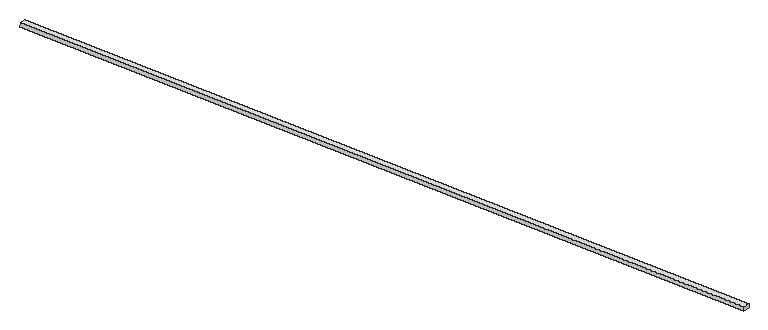
Revit family "MarshallTufflex_ElectricalFittings_TrunkingDado_Mini_MMT2a", category Generic Models, host Face, Revit 2016 (continued)
Definition of nested family "MarshallTufflex_ElectricalFittings_TrunkingDado_SquareUnequalTee"
  Dimensions and locks
    "NominalHeight": Extrusion 1 to plane 8
    equal spacing: plane 9, plane 1 "Center (Front/Back)", plane 10
    "OverallLength": plane 9 to plane 10
    "NominalLength": plane 7 to plane 11
    "OverallHeight": Extrusion 1 to plane 12
    aligned and locked: plane 2 to Extrusion 1
    aligned and locked: level to Extrusion 1
    aligned and locked: Extrusion 2 sketch curve to plane 9
    aligned and locked: Extrusion 2 sketch curve to plane 7
    aligned and locked: Extrusion 2 sketch curve to plane 10
    aligned and locked: Extrusion 2 sketch curve to plane 6
    aligned and locked: Extrusion 3 sketch curve to plane 4
    aligned and locked: plane 3 "Center (Left/Right)" to Extrusion 3 sketch curve
    aligned and locked: plane 5 to Extrusion 3 sketch curve
    aligned and locked: Extrusion 2 to Extrusion 3 sketch curve
    aligned and locked: plane 8 to Extrusion 2
    aligned and locked: plane 12 to Extrusion 3
  Automatic sketch dimensions
    Extrusion 1 sketch curve to Extrusion 1 sketch curve = 2438.400 mm  (x2)
Definition of nested family "MarshallTufflex_ElectricalFittings_TrunkingDado_CeilingTee"
  Parameters (values of type "MarshallTufflex_ElectricalFittings_TrunkingDado_Mini_CeilingTee_TCT4-2")
    _DistributedBy = "www.bimstore.co.uk"
    _CurrentRevision = 1
    _CreatedBy = "www.marshall-tufflex.com"
    _BimSpecGuid = 0
    _BSBibleVersion = 15
    _AuthorizedBy = ""
    _Author = "Marshall-Tufflex Ltd"
    Weekly [instance] = "Please Record On Commisioning"
    WarrantyStartDate [instance] = "Please Record On Commisioning"
    WarrantyID [instance] = "Please Record On Commisioning"
    WarrantyGuarantorParts = "Sales@marshall-tufflex.com"
    WarrantyGuarantorLabor [instance] = "Please Record On Commisioning"
    WarrantyDurationUnit = "Years"
    WarrantyDurationParts = 0
    WarrantyDurationLabor = 0
    WarrantyDescription [instance] = "Please Record On Commisioning"
    URL = "www.marshall-tufflex.com"
    TypeName = "Marshall Tufflex Electrical Fitting Trunking Dado Mini"
    Type Comments = "Dado Trunking MMT4/MMT2 Ceiling Tee"
    Type = "Trunking"
    Sub-Type = "Fitting"
    SpareParts = "Sales@marshall-tufflex.com"
    ShippingWeight = 0
    Shape = "41x27mm"
    SerialNumber [instance] = "Please Record On Commisioning"
    ResponsibleSourcingOfMaterials = "n/a"
    ResponsibleExtractionOfMaterials = "n/a"
    ReplacementCost = "Sales@marshall-tufflex.com"
    ReferencedStandard = "BS EN 50085-1"
    ReferenceStandard = "BS EN 50085-1"
    Quarterly [instance] = "Please Record On Commisioning"
    ProductionYear = "2018"
    ProductRange = "Mini"
    ProductModelNumber = "TCT4-2"
    ProductLiterature = "www.marshall-tufflex.com"
    OverallWidth = 0.000 mm
    OverallLength = 60.000 mm
    OverallHeight = 19.000 mm
    O&Mmanual = "www.marshall-tufflex.com"
    NominalLength = NominalDepth / 2  # 20.500 mm
    NominalHeight = 27.000 mm
    NominalDepth2 = 28.000 mm
    NominalDepth = 41.000 mm
    NBSReference = "90-55-10/390"
    NBSOfficeMasterTag = "n/a"
    NBSObjectName = "MT MiniCeilingTeeTCT4-2"
    NBSNote = ""
    NBSDescription = "Proprietry Tunking"
    Monthly [instance] = "Please Record On Commisioning"
    ModelReference = "Mini"
    ModelNumber = "TCT4-2"
    Model = "Mini"
    MaterialIngredientReporting = "n/a"
    Material = "PVCu"
    ManufacturerWebsite = "www.marshall-tufflex.com"
    ManufacturerName = "Marshall-Tufflex Ltd"
    Manufacturer = "Marshall-Tufflex Ltd"
    LocationOfManufacturer = "N 50°52'39\" E 0°31'41\""
    LifeCycleAnalysis = "n/a"
    LidConfiguration = "Tamper Proof"
    Keynote = "V90"
    InstallationDate [instance] = "Please Record On Commisioning"
    IfcExportType = "IfcCableSegmentType"
    IfcExportAs = "IfcFlowSegment"
    GrossWeight = 0
    GreenGuideforSpecification = 0
    Grade = "n/a"
    Fittings = "www.marshall-tufflex.com"
    Finish = "Matt"
    Features = "Variety of sizes, self-fixing and punched options"
    ExpectedLife = 0
    ErPEnergyLabel = "n/a"
    EnvironmentalProductDeclaration = "n/a"
    EnergyTechnologyList = "n/a"
    EnclosureRating = "IP4X"
    EmbodiedCarbon = 0
    DurationUnit = "Years"
    DocumentationTechnical = "www.marshall-tufflex.com"
    DocumentationMaintenance = "www.marshall-tufflex.com"
    DocumentationLiterature = "www.marshall-tufflex.com"
    DocumentationInstallationGuide = "www.marshall-tufflex.com"
    DocumentationCertificates = "www.marshall-tufflex.com"
    Description = "Trunking Dado MT Mini Ceiling Tee TCT4-2"
    Default Elevation = 1200.000 mm
    Daily [instance] = "Please Record On Commisioning"
    CreatedOn = "2018-11-26T09:00:00"
    CreatedBy = "Sales@marshall-tufflex.com"
    Cost = 0
    Constituents = "Mini Trunking"
    Compartments = "No"
    Colour = "White (RAL9003)"
    Color = "White (RAL9003)"
    CodePerformance = "n/a"
    ClassificationValue = "Pr_65_70_11_61"
    ClassificationName = "Uniclass2015"
    CEApproval = "Yes"
    BespokeTimeframe [instance] = "Please Record On Commisioning"
    BarCode [instance] = "Please Record On Commisioning"
    BIMObjectName = "MarshallTufflex_ElectricalFittings_TrunkingDado_Mini_CeilingTee_TCT4-2"
    AssetType = "Fixed"
    AssetIdentifier [instance] = "Please Record On Commisioning"
    Assembly Code = "D5010"
    Annually [instance] = "Please Record On Commisioning"
    AccessoryBoxDepth = "n/a"
    Accessories = "www.marshall-tufflex.com"
    AccessibilityPerformance = "n/a"
    AccessClearanceTop = 0.000 mm
    AccessClearanceRight = 0.000 mm
    AccessClearanceRear = 0.000 mm
    AccessClearanceLeft = 0.000 mm
    AccessClearanceFront = 0.000 mm
    AccessClearanceBottom = 0.000 mm
    6Monthly [instance] = "Please Record On Commisioning"
  Types (4, lengths in mm): name | Type Comments | Shape | ProductModelNumber | NominalLength | NominalHeight | NominalDepth2 | NominalDepth | NBSObjectName | ModelNumber | Description | BIMObjectName
    MarshallTufflex_ElectricalFittings_TrunkingDado_Mini_CeilingTee_TCT1-1 | "Dado Trunking Ceiling Tee" | "19x19mm" | "TCT1-1" | 9.500 | 19.000 | 19.000 | 19.000 | "MT MiniCeilingTeeTCT1-1" | "TCT1-1" | "Trunking Dado MT Mini Ceiling Tee TCT1-1" | "MarshallTufflex_ElectricalFittings_TrunkingDado_Mini_CeilingTee_TCT1-1"
    MarshallTufflex_ElectricalFittings_TrunkingDado_Mini_CeilingTee_TCT2-1 | "Dado Trunking MMT2/MMT1 Ceiling Tee" | "28x19mm" | "TCT2-1" | 14.000 | 19.000 | 19.000 | 28.000 | "MT MiniCeilingTeeTCT2-1" | "TCT2-1" | "Trunking Dado MT Mini Ceiling Tee TCT2-1" | "MarshallTufflex_ElectricalFittings_TrunkingDado_Mini_CeilingTee_TCT2-1"
    MarshallTufflex_ElectricalFittings_TrunkingDado_Mini_CeilingTee_TCT2-2 | "Dado Trunking Ceiling Tee" | "28x19mm" | "TCT2-2" | 14.000 | 19.000 | 28.000 | 28.000 | "MT MiniCeilingTeeTCT2-2" | "TCT2-2" | "Trunking Dado MT Mini Ceiling Tee TCT2-2" | "MarshallTufflex_ElectricalFittings_TrunkingDado_Mini_CeilingTee_TCT2-2"
    MarshallTufflex_ElectricalFittings_TrunkingDado_Mini_CeilingTee_TCT4-2 | "Dado Trunking MMT4/MMT2 Ceiling Tee" | "41x27mm" | "TCT4-2" | 20.500 | 27.000 | 28.000 | 41.000 | "MT MiniCeilingTeeTCT4-2" | "TCT4-2" | "Trunking Dado MT Mini Ceiling Tee TCT4-2" | "MarshallTufflex_ElectricalFittings_TrunkingDado_Mini_CeilingTee_TCT4-2"
  Reference planes
    plane 1 "Center (Front/Back)": y = 0
    plane 2: z = 0
    plane 3 "Center (Left/Right)": x = 0
    plane 4: y = 14
    plane 5: y = -14
    plane 6: z = 27
    plane 7: y = 30
    plane 8: y = -30
    plane 9: x = 20.5
    plane 10: z = 46
    plane 11: x = 41
  Forms (mm)
    Extrusion 1, solid
      sketch origin (0, 0, 0) x (1, 0, 0) y (0, 1, 0)
        loop
          line (-1219.2, 1219.2) -> (-1219.2, -1219.2) -> (1219.2, -1219.2) -> (1219.2, 1219.2) -> (-1219.2, 1219.2)
      from 0 to -304.8
    Extrusion 2, solid
      sketch origin (0, 0, 0) x (1, 0, 0) y (0, 1, 0)
        loop
          line (0, 30) -> (0, -30) -> (41, -30) -> (41, 30) -> (0, 30)
      from 0 to 27
    Extrusion 3, solid
      sketch origin (1, 0, 0) x (1, 0, 0) y (0, 1, 0)
        loop
          line (-1, 14) -> (-1, -14) -> (26, -14) -> (26, 14) -> (-1, 14)
      from 27 to 46
  Cuts and joins
    joined: Extrusion 2, Extrusion 3
  Dimensions and locks
    equal spacing: plane 4, plane 1 "Center (Front/Back)", plane 5
    "NominalDepth2": plane 4 to plane 5
    "NominalHeight": Extrusion 1 to plane 6
    equal spacing: plane 7, plane 1 "Center (Front/Back)", plane 8
    "OverallLength": plane 7 to plane 8
    "NominalDepth": plane 3 "Center (Left/Right)" to plane 11
    "NominalLength": plane 3 "Center (Left/Right)" to plane 9
    "OverallHeight": plane 6 to plane 10
    "NominalHeight": plane 3 "Center (Left/Right)" to Extrusion 3 sketch curve
    aligned and locked: plane 2 to Extrusion 1
    aligned and locked: level to Extrusion 1
    aligned and locked: Extrusion 2 sketch curve to plane 7
    aligned and locked: plane 3 "Center (Left/Right)" to Extrusion 2 sketch curve
    aligned and locked: plane 8 to Extrusion 2 sketch curve
    aligned and locked: Extrusion 2 sketch curve to plane 11
    aligned and locked: plane 6 to Extrusion 2
    aligned and locked: Extrusion 3 sketch curve to plane 4
    aligned and locked: plane 3 "Center (Left/Right)" to Extrusion 3 sketch curve
    aligned and locked: plane 10 to Extrusion 3
    aligned and locked: Extrusion 3 to plane 6
  Automatic sketch dimensions
    Extrusion 1 sketch curve to Extrusion 1 sketch curve = 2438.400 mm  (x2)
    Extrusion 3 sketch curve to plane 5 = 0.000 mm
Definition of nested family "MarshallTufflex_ElectricalFittings_TrunkingDado_OffsetCeilingTee"
  Parameters (values of type "MarshallTufflex_ElectricalFittings_TrunkingDado_Mini_OffsetCeilingTee_TOCT2-2")
    _DistributedBy = "www.bimstore.co.uk"
    _CurrentRevision = 1
    _CreatedBy = "www.marshall-tufflex.com"
    _BimSpecGuid = 0
    _BSBibleVersion = 15
    _AuthorizedBy = ""
    _Author = "Marshall-Tufflex Ltd"
    Weekly [instance] = "Please Record On Commisioning"
    WarrantyStartDate [instance] = "Please Record On Commisioning"
    WarrantyID [instance] = "Please Record On Commisioning"
    WarrantyGuarantorParts = "Sales@marshall-tufflex.com"
    WarrantyGuarantorLabor [instance] = "Please Record On Commisioning"
    WarrantyDurationUnit = "Years"
    WarrantyDurationParts = 0
    WarrantyDurationLabor = 0
    WarrantyDescription [instance] = "Please Record On Commisioning"
    URL = "www.marshall-tufflex.com"
    TypeName = "Marshall Tufflex Electrical Fitting Trunking Dado Mini"
    Type Comments = "Dado Trunking MMT2/MMT2 Offset Ceiling Tee"
    Type = "Trunking"
    Thickness = 2.000 mm
    Sub-Type = "Fitting"
    SpareParts = "Sales@marshall-tufflex.com"
    ShippingWeight = 0
    Shape = "28x18mm"
    SerialNumber [instance] = "Please Record On Commisioning"
    ResponsibleSourcingOfMaterials = "n/a"
    ResponsibleExtractionOfMaterials = "n/a"
    ReplacementCost = "Sales@marshall-tufflex.com"
    ReferencedStandard = "BS EN 50085-1"
    ReferenceStandard = "BS EN 50085-1"
    Quarterly [instance] = "Please Record On Commisioning"
    ProductionYear = "2018"
    ProductRange = "Mini"
    ProductModelNumber = "TOCT2-2"
    ProductLiterature = "www.marshall-tufflex.com"
    OverallWidth = 60.000 mm
    OverallLength = 25.000 mm
    OverallHeight = 18.000 mm
    O&Mmanual = "www.marshall-tufflex.com"
    NominalLength = 28.000 mm
    NominalHeight = 34.000 mm
    NominalDepth = 42.000 mm
    NBSReference = "90-55-10/390"
    NBSOfficeMasterTag = "n/a"
    NBSObjectName = "MT MiniOffsetCelingTeeTOCT2-2"
    NBSNote = ""
    NBSDescription = "Proprietry Tunking"
    Monthly [instance] = "Please Record On Commisioning"
    ModelReference = "Mini"
    ModelNumber = "TOCT2-2"
    Model = "Mini"
    MaterialIngredientReporting = "n/a"
    Material = "PVCu"
    ManufacturerWebsite = "www.marshall-tufflex.com"
    ManufacturerName = "Marshall-Tufflex Ltd"
    Manufacturer = "Marshall-Tufflex Ltd"
    LocationOfManufacturer = "N 50°52'39\" E 0°31'41\""
    LifeCycleAnalysis = "n/a"
    LidConfiguration = "Tamper Proof"
    Keynote = "V90"
    InstallationDate [instance] = "Please Record On Commisioning"
    IfcExportType = "IfcCableSegmentType"
    IfcExportAs = "IfcFlowSegment"
    GrossWeight = 0
    GreenGuideforSpecification = 0
    Grade = "n/a"
    Fittings = "www.marshall-tufflex.com"
    Finish = "Matt"
    Features = "Variety of sizes, self-fixing and punched options"
    ExpectedLife = 0
    ErPEnergyLabel = "n/a"
    EnvironmentalProductDeclaration = "n/a"
    EnergyTechnologyList = "n/a"
    EnclosureRating = "IP4X"
    EmbodiedCarbon = 0
    DurationUnit = "Years"
    DocumentationTechnical = "www.marshall-tufflex.com"
    DocumentationMaintenance = "www.marshall-tufflex.com"
    DocumentationLiterature = "www.marshall-tufflex.com"
    DocumentationInstallationGuide = "www.marshall-tufflex.com"
    DocumentationCertificates = "www.marshall-tufflex.com"
    Description = "Trunking Dado MT Mini Offset Ceiling Tee TOCT2-2"
    Default Elevation = 1200.000 mm
    Daily [instance] = "Please Record On Commisioning"
    CreatedOn = "2018-11-26T09:00:00"
    CreatedBy = "Sales@marshall-tufflex.com"
    Cost = 0
    Constituents = "Mini Trunking"
    Compartments = "No"
    Colour = "White (RAL9003)"
    Color = "White (RAL9003)"
    CodePerformance = "n/a"
    ClassificationValue = "Pr_65_70_11_61"
    ClassificationName = "Uniclass2015"
    CEApproval = "Yes"
    BespokeTimeframe [instance] = "Please Record On Commisioning"
    BarCode [instance] = "Please Record On Commisioning"
    BIMObjectName = "MarshallTufflex_ElectricalFittings_TrunkingDado_Mini_OffsetCeilingTee_TOCT2-2"
    AssetType = "Fixed"
    AssetIdentifier [instance] = "Please Record On Commisioning"
    Assembly Code = "D5010"
    Annually [instance] = "Please Record On Commisioning"
    AccessoryBoxDepth = "n/a"
    Accessories = "www.marshall-tufflex.com"
    AccessibilityPerformance = "n/a"
    AccessClearanceTop = 0.000 mm
    AccessClearanceRight = 0.000 mm
    AccessClearanceRear = 0.000 mm
    AccessClearanceLeft = 0.000 mm
    AccessClearanceFront = 0.000 mm
    AccessClearanceBottom = 0.000 mm
    6Monthly [instance] = "Please Record On Commisioning"
  Types (2, lengths in mm): name | Type Comments | ProductModelNumber | NominalLength | NBSObjectName | ModelNumber | Description | BIMObjectName
    MarshallTufflex_ElectricalFittings_TrunkingDado_Mini_OffsetCeilingTee_TOCT2-1 | "Dado Trunking MMT2/MMT1 Offset Ceiling Tee" | "TOCT2-1" | 19.000 | "MT MiniOffsetCeilingTeeTOCT2-1" | "TOCT2-1" | "Trunking Dado MT Mini Offset Ceiling Tee TOCT2-1" | "MarshallTufflex_ElectricalFittings_TrunkingDado_Mini_OffsetCeilingTee_TOCT2-1"
    MarshallTufflex_ElectricalFittings_TrunkingDado_Mini_OffsetCeilingTee_TOCT2-2 | "Dado Trunking MMT2/MMT2 Offset Ceiling Tee" | "TOCT2-2" | 28.000 | "MT MiniOffsetCelingTeeTOCT2-2" | "TOCT2-2" | "Trunking Dado MT Mini Offset Ceiling Tee TOCT2-2" | "MarshallTufflex_ElectricalFittings_TrunkingDado_Mini_OffsetCeilingTee_TOCT2-2"
  Reference planes
    plane 1 "Center (Front/Back)": y = 0
    plane 2: z = 0
    plane 3 "Center (Left/Right)": x = 0
    plane 4: z = 34
    plane 5: z = 18
    plane 6: x = 12.5
    plane 7: y = 30
    plane 8: y = -30
    plane 9: y = 14
    plane 10: y = -14
    plane 11: x = 29.5
    plane 12: x = -12.5
    plane 13: x = -14.5
    plane 14: x = 14.5
  Forms (mm)
    Extrusion 1, solid
      sketch origin (0, 0, 0) x (1, 0, 0) y (0, 1, 0)
        loop
          line (-1219.2, 1219.2) -> (-1219.2, -1219.2) -> (1219.2, -1219.2) -> (1219.2, 1219.2) -> (-1219.2, 1219.2)
      from 0 to -304.8
    Extrusion 2, solid
      sketch origin (0, 0, 0) x (1, 0, 0) y (0, 1, 0)
        loop
          line (-14.5, 30) -> (-14.5, -30) -> (14.5, -30) -> (14.5, 30) -> (-14.5, 30)
      from 0 to 18
    Extrusion 3, solid
      sketch origin (0, 0, 0) x (1, 0, 0) y (0, 1, 0)
        loop
          line (12.5, 14) -> (12.5, -14) -> (29.5, -14) -> (29.5, 14) -> (12.5, 14)
      from 0 to 34
  Cuts and joins
    joined: Extrusion 2, Extrusion 3
  Dimensions and locks
    "NominalHeight": Extrusion 1 to plane 4
    "OverallHeight": Extrusion 1 to plane 5
    equal spacing: plane 7, plane 1 "Center (Front/Back)", plane 8
    "OverallWidth": plane 7 to plane 8
    equal spacing: plane 9, plane 1 "Center (Front/Back)", plane 10
    "NominalLength": plane 9 to plane 10
    equal spacing: plane 12, plane 3 "Center (Left/Right)", plane 6
    "OverallLength": plane 12 to plane 6
    "NominalDepth": plane 12 to plane 11
    "Thickness": plane 13 to plane 12
    "Thickness": plane 6 to plane 14
    aligned and locked: plane 2 to Extrusion 1
    aligned and locked: level to Extrusion 1
    aligned and locked: Extrusion 2 sketch curve to plane 7
    aligned and locked: plane 13 to Extrusion 2 sketch curve
    aligned and locked: plane 8 to Extrusion 2 sketch curve
    aligned and locked: Extrusion 2 sketch curve to plane 14
    aligned and locked: plane 5 to Extrusion 2
    aligned and locked: Extrusion 3 sketch curve to plane 9
    aligned and locked: plane 6 to Extrusion 3 sketch curve
    aligned and locked: plane 10 to Extrusion 3 sketch curve
    aligned and locked: Extrusion 3 sketch curve to plane 11
    aligned and locked: plane 4 to Extrusion 3
  Automatic sketch dimensions
    Extrusion 1 sketch curve to Extrusion 1 sketch curve = 2438.400 mm  (x2)
Definition of nested family "MarshallTufflex_ElectricalFittings_TrunkingDado_AngleTee"
  Parameters (values of type "MarshallTufflex_ElectricalFittings_TrunkingDado_Mini_AngleTee_TAT2LH")
    _DistributedBy = "www.bimstore.co.uk"
    _CurrentRevision = 1
    _CreatedBy = "www.marshall-tufflex.com"
    _BimSpecGuid = 0
    _BSBibleVersion = 15
    _AuthorizedBy = ""
    _Author = "Marshall-Tufflex Ltd"
    Weekly [instance] = "Please Record On Commisioning"
    WarrantyStartDate [instance] = "Please Record On Commisioning"
    WarrantyID [instance] = "Please Record On Commisioning"
    WarrantyGuarantorParts = "Sales@marshall-tufflex.com"
    WarrantyGuarantorLabor [instance] = "Please Record On Commisioning"
    WarrantyDurationUnit = "Years"
    WarrantyDurationParts = 0
    WarrantyDurationLabor = 0
    WarrantyDescription [instance] = "Please Record On Commisioning"
    URL = "www.marshall-tufflex.com"
    TypeName = "Marshall Tufflex Electrical Fitting Trunking Dado Mini"
    Type Comments = "Dado Trunking LH Angle Tee"
    Type = "Trunking"
    Thickness = 2.000 mm
    Sub-Type = "Fitting"
    SpareParts = "Sales@marshall-tufflex.com"
    ShippingWeight = 0
    Shape = "28x18mm"
    SerialNumber [instance] = "Please Record On Commisioning"
    ResponsibleSourcingOfMaterials = "n/a"
    ResponsibleExtractionOfMaterials = "n/a"
    ReplacementCost = "Sales@marshall-tufflex.com"
    ReferencedStandard = "BS EN 50085-1"
    ReferenceStandard = "BS EN 50085-1"
    Quarterly [instance] = "Please Record On Commisioning"
    ProductionYear = "2018"
    ProductRange = "Mini"
    ProductModelNumber = "TAT2LH"
    ProductLiterature = "www.marshall-tufflex.com"
    OverallWidth = 34.000 mm
    OverallLength = 28.000 mm
    OverallHeight = 18.000 mm
    O&Mmanual = "www.marshall-tufflex.com"
    NominalLength = 28.000 mm
    NominalHeight = 18.000 mm
    NominalDepth = 44.000 mm
    NBSReference = "90-55-10/390"
    NBSOfficeMasterTag = "n/a"
    NBSObjectName = "MT MiniAngleTeeLHTAT2LH"
    NBSNote = ""
    NBSDescription = "Proprietry Tunking"
    Monthly [instance] = "Please Record On Commisioning"
    ModelReference = "Mini"
    ModelNumber = "TAT2LH"
    Model = "Mini"
    MaterialIngredientReporting = "n/a"
    Material = "PVCu"
    ManufacturerWebsite = "www.marshall-tufflex.com"
    ManufacturerName = "Marshall-Tufflex Ltd"
    Manufacturer = "Marshall-Tufflex Ltd"
    LocationOfManufacturer = "N 50°52'39\" E 0°31'41\""
    LifeCycleAnalysis = "n/a"
    LidConfiguration = "Tamper Proof"
    Keynote = "V90"
    InstallationDate [instance] = "Please Record On Commisioning"
    IfcExportType = "IfcCableSegmentType"
    IfcExportAs = "IfcFlowSegment"
    GrossWeight = 0
    GreenGuideforSpecification = 0
    Grade = "n/a"
    Fittings = "www.marshall-tufflex.com"
    Finish = "Matt"
    Features = "Variety of sizes, self-fixing and punched options"
    ExpectedLife = 0
    ErPEnergyLabel = "n/a"
    EnvironmentalProductDeclaration = "n/a"
    EnergyTechnologyList = "n/a"
    EnclosureRating = "IP4X"
    EmbodiedCarbon = 0
    DurationUnit = "Years"
    DocumentationTechnical = "www.marshall-tufflex.com"
    DocumentationMaintenance = "www.marshall-tufflex.com"
    DocumentationLiterature = "www.marshall-tufflex.com"
    DocumentationInstallationGuide = "www.marshall-tufflex.com"
    DocumentationCertificates = "www.marshall-tufflex.com"
    Description = "Trunking Dado MT Mini LH Angle Tee TAT2LH"
    Default Elevation = 1200.000 mm
    Daily [instance] = "Please Record On Commisioning"
    CreatedOn = "2018-11-26T09:00:00"
    CreatedBy = "Sales@marshall-tufflex.com"
    Cost = 0
    Constituents = "Mini Trunking"
    Compartments = "No"
    Colour = "White (RAL9003)"
    Color = "White (RAL9003)"
    CodePerformance = "n/a"
    ClassificationValue = "Pr_65_70_11_61"
    ClassificationName = "Uniclass2015"
    CEApproval = "Yes"
    BespokeTimeframe [instance] = "Please Record On Commisioning"
    BarCode [instance] = "Please Record On Commisioning"
    BIMObjectName = "MarshallTufflex_ElectricalFittings_TrunkingDado_Mini_AngleTeeLH_TAT2LH"
    AssetType = "Fixed"
    AssetIdentifier [instance] = "Please Record On Commisioning"
    Assembly Code = "D5010"
    Annually [instance] = "Please Record On Commisioning"
    AccessoryBoxDepth = "n/a"
    Accessories = "www.marshall-tufflex.com"
    AccessibilityPerformance = "n/a"
    AccessClearanceTop = 0.000 mm
    AccessClearanceRight = 0.000 mm
    AccessClearanceRear = 0.000 mm
    AccessClearanceLeft = 0.000 mm
    AccessClearanceFront = 0.000 mm
    AccessClearanceBottom = 0.000 mm
    6Monthly [instance] = "Please Record On Commisioning"
  Types (2, lengths in mm): name | Type Comments | ProductModelNumber | OverallLength | OverallHeight | NominalDepth | NBSObjectName | ModelNumber | Description | BIMObjectName
    MarshallTufflex_ElectricalFittings_TrunkingDado_Mini_AngleTee_TAT2LH | "Dado Trunking LH Angle Tee" | "TAT2LH" | 28.000 | 18.000 | 44.000 | "MT MiniAngleTeeLHTAT2LH" | "TAT2LH" | "Trunking Dado MT Mini LH Angle Tee TAT2LH" | "MarshallTufflex_ElectricalFittings_TrunkingDado_Mini_AngleTeeLH_TAT2LH"
    MarshallTufflex_ElectricalFittings_TrunkingDado_Mini_AngleTee_TAT2RH | "Dado Trunking MMT2/MMT2 Offset Ceiling Tee" | "TOCT2-2" | 18.000 | 28.000 | 42.000 | "MT MiniOffsetCelingTeeTOCT2-2" | "TOCT2-2" | "Trunking Dado MT Mini Offset Ceiling Tee TOCT2-2" | "MarshallTufflex_ElectricalFittings_TrunkingDado_Mini_OffsetCeilingTee_TOCT2-2"
  Reference planes
    plane 1 "Center (Front/Back)": y = 0
    plane 2: z = 0
    plane 3 "Center (Left/Right)": x = 0
    plane 4: z = 18
    plane 5: z = 34
    plane 6: x = -14
    plane 7: x = 14
    plane 8: y = 14
    plane 9: y = -14
    plane 10: x = 30
    plane 11: y = -30
    plane 12: x = 4
  Forms (mm)
    Extrusion 1, solid
      sketch origin (0, 0, 0) x (1, 0, 0) y (0, 1, 0)
        loop
          line (-1219.2, 1219.2) -> (-1219.2, -1219.2) -> (1219.2, -1219.2) -> (1219.2, 1219.2) -> (-1219.2, 1219.2)
      from 0 to -304.8
    Extrusion 2, solid
      sketch origin (0, 0, 0) x (1, 0, 0) y (0, 1, 0)
        loop
          line (-14, 14) -> (-14, -30) -> (14, -30) -> (14, -14) -> (30, -14) -> (30, 14) -> (-14, 14)
      from 0 to 18
    Extrusion 3, solid
      sketch origin (0, 0, 0) x (1, 0, 0) y (0, 1, 0)
        loop
          line (-14, 14) -> (-14, -14) -> (4, -14) -> (4, 14) -> (-14, 14)
      from 0 to 34
  Cuts and joins
    joined: Extrusion 2, Extrusion 3
  Dimensions and locks
    "NominalHeight": Extrusion 1 to plane 4
    "OverallWidth": Extrusion 1 to plane 5
    equal spacing: plane 8, plane 1 "Center (Front/Back)", plane 9
    equal spacing: plane 6, plane 3 "Center (Left/Right)", plane 7
    "NominalDepth": plane 6 to plane 10
    "NominalLength": plane 6 to plane 7
    "NominalLength": plane 8 to plane 9
    "NominalDepth": plane 8 to plane 11
    "OverallHeight": plane 6 to plane 12
    "OverallLength": cut or joined group of Extrusion 2, Extrusion 3 to cut or joined group of Extrusion 2, Extrusion 3
    aligned and locked: plane 2 to Extrusion 1
    aligned and locked: level to Extrusion 1
    aligned and locked: Extrusion 2 sketch curve to plane 8
    aligned and locked: Extrusion 2 sketch curve to plane 10
    aligned and locked: plane 9 to Extrusion 2 sketch curve
    aligned and locked: Extrusion 2 sketch curve to plane 7
    aligned and locked: plane 11 to Extrusion 2 sketch curve
    aligned and locked: plane 6 to Extrusion 2 sketch curve
    aligned and locked: plane 4 to Extrusion 2
    aligned and locked: Extrusion 3 sketch curve to plane 12
    aligned and locked: plane 6 to Extrusion 3 sketch curve
    aligned and locked: plane 5 to Extrusion 3
    aligned and locked: plane 8 to cut or joined group of Extrusion 2, Extrusion 3
  Automatic sketch dimensions
    Extrusion 1 sketch curve to Extrusion 1 sketch curve = 2438.400 mm  (x2)
    Extrusion 3 sketch curve to plane 8 = 0.000 mm
    plane 9 to Extrusion 3 sketch curve = 0.000 mm
Definition of nested family "MarshallTufflex_ElectricalFittings_TrunkingDado_InternalBend"
  Parameters (values of type "MarshallTufflex_ElectricalFittings_TrunkingDado_Mini_InternalBend_TIB5")
    _DistributedBy = "www.bimstore.co.uk"
    _CurrentRevision = 1
    _CreatedBy = "www.marshall-tufflex.com"
    _BimSpecGuid = 0
    _BSBibleVersion = 15
    _AuthorizedBy = ""
    _Author = "Marshall-Tufflex Ltd"
    Weekly [instance] = "Please Record On Commisioning"
    WarrantyStartDate [instance] = "Please Record On Commisioning"
    WarrantyID [instance] = "Please Record On Commisioning"
    WarrantyGuarantorParts = "Sales@marshall-tufflex.com"
    WarrantyGuarantorLabor [instance] = "Please Record On Commisioning"
    WarrantyDurationUnit = "Years"
    WarrantyDurationParts = 0
    WarrantyDurationLabor = 0
    WarrantyDescription [instance] = "Please Record On Commisioning"
    URL = "www.marshall-tufflex.com"
    TypeName = "Marshall Tufflex Electrical Fitting Trunking Dado Mini"
    Type Comments = "Dado Trunking MMT5 Internal Bend"
    Type = "Trunking"
    Sub-Type = "Fitting"
    SpareParts = "Sales@marshall-tufflex.com"
    ShippingWeight = 0
    Shape = "50x25mm"
    SerialNumber [instance] = "Please Record On Commisioning"
    ResponsibleSourcingOfMaterials = "n/a"
    ResponsibleExtractionOfMaterials = "n/a"
    ReplacementCost = "Sales@marshall-tufflex.com"
    ReferencedStandard = "BS EN 50085-1"
    ReferenceStandard = "BS EN 50085-1"
    Quarterly [instance] = "Please Record On Commisioning"
    ProductionYear = "2018"
    ProductRange = "Mini"
    ProductModelNumber = "TIB5"
    ProductLiterature = "www.marshall-tufflex.com"
    OverallWidth = 53.000 mm
    OverallLength = 44.000 mm
    OverallHeight = 27.000 mm
    O&Mmanual = "www.marshall-tufflex.com"
    NominalLength = 0.000 mm
    NominalHeight = 0.000 mm
    NominalDepth = 0.000 mm
    NBSReference = "90-55-10/390"
    NBSOfficeMasterTag = "n/a"
    NBSObjectName = "MT MiniInternalBendTIB5"
    NBSNote = ""
    NBSDescription = "Proprietry Tunking"
    Monthly [instance] = "Please Record On Commisioning"
    ModelReference = "Mini"
    ModelNumber = "TIB5"
    Model = "Mini"
    MaterialIngredientReporting = "n/a"
    Material = "PVCu"
    ManufacturerWebsite = "www.marshall-tufflex.com"
    ManufacturerName = "Marshall-Tufflex Ltd"
    Manufacturer = "Marshall-Tufflex Ltd"
    LocationOfManufacturer = "N 50°52'39\" E 0°31'41\""
    LifeCycleAnalysis = "n/a"
    LidConfiguration = "Tamper Proof"
    Keynote = "V90"
    InstallationDate [instance] = "Please Record On Commisioning"
    IfcExportType = "IfcCableSegmentType"
    IfcExportAs = "IfcFlowSegment"
    GrossWeight = 0
    GreenGuideforSpecification = 0
    Grade = "n/a"
    Fittings = "www.marshall-tufflex.com"
    Finish = "Matt"
    Features = "Variety of sizes, self-fixing and punched options"
    ExpectedLife = 0
    ErPEnergyLabel = "n/a"
    EnvironmentalProductDeclaration = "n/a"
    EnergyTechnologyList = "n/a"
    EnclosureRating = "IP4X"
    EmbodiedCarbon = 0
    DurationUnit = "Years"
    DocumentationTechnical = "www.marshall-tufflex.com"
    DocumentationMaintenance = "www.marshall-tufflex.com"
    DocumentationLiterature = "www.marshall-tufflex.com"
    DocumentationInstallationGuide = "www.marshall-tufflex.com"
    DocumentationCertificates = "www.marshall-tufflex.com"
    Description = "Trunking Dado MT Mini Internal Bend TIB5"
    Default Elevation = 1200.000 mm
    Daily [instance] = "Please Record On Commisioning"
    CreatedOn = "2018-11-26T09:00:00"
    CreatedBy = "Sales@marshall-tufflex.com"
    Cost = 0
    Constituents = "Mini Trunking"
    Compartments = "No"
    Colour = "White (RAL9003)"
    Color = "White (RAL9003)"
    CodePerformance = "n/a"
    ClassificationValue = "Pr_65_70_11_61"
    ClassificationName = "Uniclass2015"
    CEApproval = "Yes"
    BespokeTimeframe [instance] = "Please Record On Commisioning"
    BarCode [instance] = "Please Record On Commisioning"
    BIMObjectName = "MarshallTufflex_ElectricalFittings_TrunkingDado_Mini_InternalBend_TIB5"
    AssetType = "Fixed"
    AssetIdentifier [instance] = "Please Record On Commisioning"
    Assembly Code = "D5010"
    Annually [instance] = "Please Record On Commisioning"
    AccessoryBoxDepth = "n/a"
    Accessories = "www.marshall-tufflex.com"
    AccessibilityPerformance = "n/a"
    AccessClearanceTop = 0.000 mm
    AccessClearanceRight = 0.000 mm
    AccessClearanceRear = 0.000 mm
    AccessClearanceLeft = 0.000 mm
    AccessClearanceFront = 0.000 mm
    AccessClearanceBottom = 0.000 mm
    6Monthly [instance] = "Please Record On Commisioning"
  Types (6, lengths in mm): name | Type Comments | Shape | ProductModelNumber | OverallWidth | OverallLength | OverallHeight | NBSObjectName | ModelNumber | Description | CreatedOn | BIMObjectName
    MarshallTufflex_ElectricalFittings_TrunkingDado_Mini_InternalBend_TIB1 | "Dado Trunking MMT1 Internal Bend" | "16x16mm" | "TIB1" | 19.000 | 35.000 | 18.000 | "MT MiniInternalBendTIB1" | "TIB1" | "Trunking Dado MT Mini Internal Bend TIB1" | "2018-11-16T09:00:00" | "MarshallTufflex_ElectricalFittings_TrunkingDado_Mini_InternalBend_TIB1"
    MarshallTufflex_ElectricalFittings_TrunkingDado_Mini_InternalBend_TIB2 | "Dado Trunking MMT2 Internal Bend" | "25x16mm" | "TIB2" | 28.000 | 35.000 | 18.000 | "MT MiniInternalBendTIB2" | "TIB2" | "Trunking Dado MT Mini Internal Bend TIB2" | "2018-11-16T09:00:00" | "MarshallTufflex_ElectricalFittings_TrunkingDado_Mini_InternalBend_TIB2"
    MarshallTufflex_ElectricalFittings_TrunkingDado_Mini_InternalBend_TIB3 | "Dado Trunking MMT3 Internal Bend" | "38x16mm" | "TIB3" | 41.000 | 35.000 | 18.000 | "MT MiniInternalBendTIB3" | "TIB3" | "Trunking Dado MT Mini Internal Bend TIB3" | "2018-11-16T09:00:00" | "MarshallTufflex_ElectricalFittings_TrunkingDado_Mini_InternalBend_TIB3"
    MarshallTufflex_ElectricalFittings_TrunkingDado_Mini_InternalBend_TIB4 | "Dado Trunking MMT4 Internal Bend" | "38x25mm" | "TIB4" | 41.000 | 44.000 | 27.000 | "MT MiniInternalBendTIB4" | "TIB4" | "Trunking Dado MT Mini Internal Bend TIB4" | "2018-11-16T09:00:00" | "MarshallTufflex_ElectricalFittings_TrunkingDado_Mini_InternalBend_TIB4"
    MarshallTufflex_ElectricalFittings_TrunkingDado_Mini_InternalBend_TIB5 | "Dado Trunking MMT5 Internal Bend" | "50x25mm" | "TIB5" | 53.000 | 44.000 | 27.000 | "MT MiniInternalBendTIB5" | "TIB5" | "Trunking Dado MT Mini Internal Bend TIB5" | "2018-11-26T09:00:00" | "MarshallTufflex_ElectricalFittings_TrunkingDado_Mini_InternalBend_TIB5"
    MarshallTufflex_ElectricalFittings_TrunkingDado_Mini_InternalBend_TIB6 | "Dado Trunking MMT6 Internal Bend" | "38x38mm" | "TIB6" | 38.000 | 56.000 | 38.000 | "MT MiniInternalBendTIB6" | "TIB6" | "Trunking Dado MT Mini Internal Bend TIB6" | "2018-11-16T09:00:00" | "MarshallTufflex_ElectricalFittings_TrunkingDado_Mini_InternalBend_TIB6"
  Reference planes
    plane 1 "Center (Front/Back)": y = 0
    plane 2: z = 0
    plane 3 "Center (Left/Right)": x = 0
    plane 4: y = 26.5
    plane 5: y = -26.5
    plane 6: x = 17
    plane 7: x = 44
    plane 8: z = 27
    plane 9: z = 44
  Forms (mm)
    Extrusion 1, solid
      sketch origin (0, 0, 0) x (1, 0, 0) y (0, 1, 0)
        loop
          line (-1219.2, 1219.2) -> (-1219.2, -1219.2) -> (1219.2, -1219.2) -> (1219.2, 1219.2) -> (-1219.2, 1219.2)
      from 0 to -304.8
    Extrusion 2, solid
      sketch origin (0, 0, 0) x (1, 0, 0) y (0, 0, 1)
        loop
          line (0, 0) -> (44, 0) -> (44, 44) -> (17, 44) -> (17, 27) -> (0, 27) -> (0, 0)
      from -26.5 to 26.5
  Dimensions and locks
    "OverallHeight": plane 6 to plane 7
    "OverallLength": plane 3 "Center (Left/Right)" to plane 7
    "OverallWidth": plane 4 to plane 5
    equal spacing: plane 4, plane 1 "Center (Front/Back)", plane 5
    "OverallLength": plane 9 to Extrusion 1
    "OverallHeight": plane 8 to Extrusion 1
    aligned and locked: plane 2 to Extrusion 1
    aligned and locked: level to Extrusion 1
    aligned and locked: Extrusion 2 sketch curve to plane 8
    aligned and locked: plane 6 to Extrusion 2 sketch curve
    aligned and locked: Extrusion 2 sketch curve to plane 9
    aligned and locked: Extrusion 2 sketch curve to plane 7
    aligned and locked: plane 3 "Center (Left/Right)" to Extrusion 2 sketch curve
    aligned and locked: Extrusion 1 to Extrusion 2 sketch curve
    aligned and locked: plane 4 to Extrusion 2
    aligned and locked: Extrusion 2 to plane 5
  Automatic sketch dimensions
    Extrusion 1 sketch curve to Extrusion 1 sketch curve = 2438.400 mm  (x2)
Definition of nested family "MarshallTufflex_ElectricalFittings_TrunkingDado_ExternalBend"
  Parameters (values of type "MarshallTufflex_ElectricalFittings_TrunkingDado_Mini_ExternalBend_TEB6")
    _DistributedBy = "www.bimstore.co.uk"
    _CurrentRevision = 1
    _CreatedBy = "www.marshall-tufflex.com"
    _BimSpecGuid = 0
    _BSBibleVersion = 15
    _AuthorizedBy = ""
    _Author = "Marshall-Tufflex Ltd"
    Weekly [instance] = "Please Record On Commisioning"
    WarrantyStartDate [instance] = "Please Record On Commisioning"
    WarrantyID [instance] = "Please Record On Commisioning"
    WarrantyGuarantorParts = "Sales@marshall-tufflex.com"
    WarrantyGuarantorLabor [instance] = "Please Record On Commisioning"
    WarrantyDurationUnit = "Years"
    WarrantyDurationParts = 0
    WarrantyDurationLabor = 0
    WarrantyDescription [instance] = "Please Record On Commisioning"
    URL = "www.marshall-tufflex.com"
    TypeName = "Marshall Tufflex Electrical Fitting Trunking Dado Mini"
    Type Comments = "Dado Trunking MMT6 External Bend"
    Type = "Trunking"
    Sub-Type = "Fitting"
    SpareParts = "Sales@marshall-tufflex.com"
    ShippingWeight = 0
    Shape = "38x38mm"
    SerialNumber [instance] = "Please Record On Commisioning"
    ResponsibleSourcingOfMaterials = "n/a"
    ResponsibleExtractionOfMaterials = "n/a"
    ReplacementCost = "Sales@marshall-tufflex.com"
    ReferencedStandard = "BS EN 50085-1"
    ReferenceStandard = "BS EN 50085-1"
    Quarterly [instance] = "Please Record On Commisioning"
    ProductionYear = "2018"
    ProductRange = "Mini"
    ProductModelNumber = "TEB6"
    ProductLiterature = "www.marshall-tufflex.com"
    OverallWidth = 38.000 mm
    OverallLength = 56.000 mm
    OverallHeight = 38.000 mm
    O&Mmanual = "www.marshall-tufflex.com"
    NominalLength = 0.000 mm
    NominalHeight = 0.000 mm
    NominalDepth = 0.000 mm
    NBSReference = "90-55-10/390"
    NBSOfficeMasterTag = "n/a"
    NBSObjectName = "MT MiniExternalBendTEB6"
    NBSNote = ""
    NBSDescription = "Proprietry Tunking"
    Monthly [instance] = "Please Record On Commisioning"
    ModelReference = "Mini"
    ModelNumber = "TEB6"
    Model = "Mini"
    MaterialIngredientReporting = "n/a"
    Material = "PVCu"
    ManufacturerWebsite = "www.marshall-tufflex.com"
    ManufacturerName = "Marshall-Tufflex Ltd"
    Manufacturer = "Marshall-Tufflex Ltd"
    LocationOfManufacturer = "N 50°52'39\" E 0°31'41\""
    LifeCycleAnalysis = "n/a"
    LidConfiguration = "Tamper Proof"
    Keynote = "V90"
    InstallationDate [instance] = "Please Record On Commisioning"
    IfcExportType = "IfcCableSegmentType"
    IfcExportAs = "IfcFlowSegment"
    GrossWeight = 0
    GreenGuideforSpecification = 0
    Grade = "n/a"
    Fittings = "www.marshall-tufflex.com"
    Finish = "Matt"
    Features = "Variety of sizes, self-fixing and punched options"
    ExpectedLife = 0
    ErPEnergyLabel = "n/a"
    EnvironmentalProductDeclaration = "n/a"
    EnergyTechnologyList = "n/a"
    EnclosureRating = "IP4X"
    EmbodiedCarbon = 0
    DurationUnit = "Years"
    DocumentationTechnical = "www.marshall-tufflex.com"
    DocumentationMaintenance = "www.marshall-tufflex.com"
    DocumentationLiterature = "www.marshall-tufflex.com"
    DocumentationInstallationGuide = "www.marshall-tufflex.com"
    DocumentationCertificates = "www.marshall-tufflex.com"
    Description = "Trunking Dado MT Mini External Bend TEB6"
    Default Elevation = 1200.000 mm
    Daily [instance] = "Please Record On Commisioning"
    CreatedOn = "2018-11-16T09:00:00"
    CreatedBy = "Sales@marshall-tufflex.com"
    Cost = 0
    Constituents = "Mini Trunking"
    Compartments = "No"
    Colour = "White (RAL9003)"
    Color = "White (RAL9003)"
    CodePerformance = "n/a"
    ClassificationValue = "Pr_65_70_11_61"
    ClassificationName = "Uniclass2015"
    CEApproval = "Yes"
    BespokeTimeframe [instance] = "Please Record On Commisioning"
    BarCode [instance] = "Please Record On Commisioning"
    BIMObjectName = "MarshallTufflex_ElectricalFittings_TrunkingDado_Mini_ExternalBend_TEB6"
    AssetType = "Fixed"
    AssetIdentifier [instance] = "Please Record On Commisioning"
    Assembly Code = "D5010"
    Annually [instance] = "Please Record On Commisioning"
    AccessoryBoxDepth = "n/a"
    Accessories = "www.marshall-tufflex.com"
    AccessibilityPerformance = "n/a"
    AccessClearanceTop = 0.000 mm
    AccessClearanceRight = 0.000 mm
    AccessClearanceRear = 0.000 mm
    AccessClearanceLeft = 0.000 mm
    AccessClearanceFront = 0.000 mm
    AccessClearanceBottom = 0.000 mm
    6Monthly [instance] = "Please Record On Commisioning"
  Types (6, lengths in mm): name | Type Comments | Shape | ProductModelNumber | OverallWidth | OverallLength | OverallHeight | NBSObjectName | ModelNumber | Description | CreatedOn | BIMObjectName
    MarshallTufflex_ElectricalFittings_TrunkingDado_Mini_ExternalBend_TEB1 | "Dado Trunking MMT1 External Bend" | "50x25mm" | "TEB1" | 19.000 | 35.000 | 18.000 | "MT MiniExternalBendTEB1" | "TEB1" | "Trunking Dado MT Mini External Bend TEB1" | "2018-11-16T09:00:00" | "MarshallTufflex_ElectricalFittings_TrunkingDado_Mini_ExternalBend_TEB1"
    MarshallTufflex_ElectricalFittings_TrunkingDado_Mini_ExternalBend_TEB2 | "Dado Trunking MMT2 External Bend" | "25x16mm" | "TEB2" | 28.000 | 35.000 | 18.000 | "MT MiniExternalBendTEB2" | "TEB2" | "Trunking Dado MT Mini External Bend TEB2" | "2018-11-16T09:00:00" | "MarshallTufflex_ElectricalFittings_TrunkingDado_Mini_ExternalBend_TEB2"
    MarshallTufflex_ElectricalFittings_TrunkingDado_Mini_ExternalBend_TEB3 | "Dado Trunking MMT3 External Bend" | "38x16mm" | "TEB3" | 41.000 | 35.000 | 18.000 | "MT MiniExternalBendTEB3" | "TEB3" | "Trunking Dado MT Mini External Bend TEB3" | "2018-11-16T09:00:00" | "MarshallTufflex_ElectricalFittings_TrunkingDado_Mini_ExternalBend_TEB3"
    MarshallTufflex_ElectricalFittings_TrunkingDado_Mini_ExternalBend_TEB4 | "Dado Trunking MMT4 External Bend" | "38x25mm" | "TEB4" | 41.000 | 44.000 | 27.000 | "MT MiniExternalBendTEB4" | "TEB4" | "Trunking Dado MT Mini External Bend TEB4" | "2018-11-16T09:00:00" | "MarshallTufflex_ElectricalFittings_TrunkingDado_Mini_ExternalBend_TEB4"
    MarshallTufflex_ElectricalFittings_TrunkingDado_Mini_ExternalBend_TEB5 | "Dado Trunking MMT5 External Bend" | "50x25mm" | "TEB5" | 53.000 | 45.000 | 27.000 | "MT MiniExternalBendTEB5" | "TEB5" | "Trunking Dado MT Mini External Bend TEB5" | "2018-11-26T09:00:00" | "MarshallTufflex_ElectricalFittings_TrunkingDado_Mini_ExternalBend_TEB5"
    MarshallTufflex_ElectricalFittings_TrunkingDado_Mini_ExternalBend_TEB6 | "Dado Trunking MMT6 External Bend" | "38x38mm" | "TEB6" | 38.000 | 56.000 | 38.000 | "MT MiniExternalBendTEB6" | "TEB6" | "Trunking Dado MT Mini External Bend TEB6" | "2018-11-16T09:00:00" | "MarshallTufflex_ElectricalFittings_TrunkingDado_Mini_ExternalBend_TEB6"
  Reference planes
    plane 1 "Center (Front/Back)": y = 0
    plane 2: z = 0
    plane 3 "Center (Left/Right)": x = 0
    plane 4: y = 19
    plane 5: y = -19
    plane 6: x = 18
    plane 7: x = 56
    plane 8: z = 38
    plane 9: z = -18
  Forms (mm)
    Extrusion 1, solid
      sketch origin (0, 0, 0) x (1, 0, 0) y (0, 1, 0)
        loop
          line (-1219.2, 1219.2) -> (-1219.2, -1219.2) -> (1219.2, -1219.2) -> (1219.2, 1219.2) -> (-1219.2, 1219.2)
      from 0 to -304.8
    Extrusion 2, solid
      sketch origin (0, 0, 0) x (1, 0, 0) y (0, 0, 1)
        loop
          line (0, 38) -> (0, 0) -> (18, 0) -> (18, -18) -> (56, -18) -> (56, 38) -> (0, 38)
      from -19 to 19
  Dimensions and locks
    "OverallHeight": plane 6 to plane 7
    "OverallLength": plane 3 "Center (Left/Right)" to plane 7
    "OverallWidth": plane 4 to plane 5
    equal spacing: plane 4, plane 1 "Center (Front/Back)", plane 5
    "OverallHeight": plane 8 to Extrusion 1
    "OverallLength": plane 8 to plane 9
    aligned and locked: plane 2 to Extrusion 1
    aligned and locked: level to Extrusion 1
    aligned and locked: Extrusion 2 sketch curve to plane 8
    aligned and locked: Extrusion 2 sketch curve to plane 7
    aligned and locked: plane 9 to Extrusion 2 sketch curve
    aligned and locked: plane 6 to Extrusion 2 sketch curve
    aligned and locked: Extrusion 1 to Extrusion 2 sketch curve
    aligned and locked: plane 3 "Center (Left/Right)" to Extrusion 2 sketch curve
    aligned and locked: plane 4 to Extrusion 2
    aligned and locked: Extrusion 2 to plane 5
  Automatic sketch dimensions
    Extrusion 1 sketch curve to Extrusion 1 sketch curve = 2438.400 mm  (x2)
Definition of nested family "MarshallTufflex_ElectricalFittings_TrunkingDado_SquareAngle"
  Parameters (values of type "MarshallTufflex_ElectricalFittings_TrunkingDado_Mini_SquareAngle_TFB1")
    _DistributedBy = "www.bimstore.co.uk"
    _CurrentRevision = 1
    _CreatedBy = "www.marshall-tufflex.com"
    _BimSpecGuid = 0
    _BSBibleVersion = 15
    _AuthorizedBy = ""
    _Author = "Marshall-Tufflex Ltd"
    Weekly [instance] = "Please Record On Commisioning"
    WarrantyStartDate [instance] = "Please Record On Commisioning"
    WarrantyID [instance] = "Please Record On Commisioning"
    WarrantyGuarantorParts = "Sales@marshall-tufflex.com"
    WarrantyGuarantorLabor [instance] = "Please Record On Commisioning"
    WarrantyDurationUnit = "Years"
    WarrantyDurationParts = 0
    WarrantyDurationLabor = 0
    WarrantyDescription [instance] = "Please Record On Commisioning"
    URL = "www.marshall-tufflex.com"
    TypeName = "Marshall Tufflex Electrical Fitting Trunking Dado Mini"
    Type Comments = "Dado Trunking MMT1 Square Angle"
    Type = "Trunking"
    Sub-Type = "Fitting"
    SpareParts = "Sales@marshall-tufflex.com"
    ShippingWeight = 0
    Shape = "16x16mm"
    SerialNumber [instance] = "Please Record On Commisioning"
    ResponsibleSourcingOfMaterials = "n/a"
    ResponsibleExtractionOfMaterials = "n/a"
    ReplacementCost = "Sales@marshall-tufflex.com"
    ReferencedStandard = "BS EN 50085-1"
    ReferenceStandard = "BS EN 50085-1"
    Quarterly [instance] = "Please Record On Commisioning"
    ProductionYear = "2018"
    ProductRange = "Mini"
    ProductModelNumber = "TFB1"
    ProductLiterature = "www.marshall-tufflex.com"
    OverallWidth = 19.000 mm
    OverallLength = 35.000 mm
    OverallHeight = 18.000 mm
    O&Mmanual = "www.marshall-tufflex.com"
    NominalLength = 0.000 mm
    NominalHeight = 0.000 mm
    NominalDepth = 0.000 mm
    NBSReference = "90-55-10/390"
    NBSOfficeMasterTag = "n/a"
    NBSObjectName = "MT MiniSquareAngleTFB1"
    NBSNote = ""
    NBSDescription = "Proprietry Tunking"
    Monthly [instance] = "Please Record On Commisioning"
    ModelReference = "Mini"
    ModelNumber = "TFB1"
    Model = "Mini"
    MaterialIngredientReporting = "n/a"
    Material = "PVCu"
    ManufacturerWebsite = "www.marshall-tufflex.com"
    ManufacturerName = "Marshall-Tufflex Ltd"
    Manufacturer = "Marshall-Tufflex Ltd"
    LocationOfManufacturer = "N 50°52'39\" E 0°31'41\""
    LifeCycleAnalysis = "n/a"
    LidConfiguration = "Tamper Proof"
    Keynote = "V90"
    InstallationDate [instance] = "Please Record On Commisioning"
    IfcExportType = "IfcCableSegmentType"
    IfcExportAs = "IfcFlowSegment"
    GrossWeight = 0
    GreenGuideforSpecification = 0
    Grade = "n/a"
    Fittings = "www.marshall-tufflex.com"
    Finish = "Matt"
    Features = "Variety of sizes, self-fixing and punched options"
    ExpectedLife = 0
    ErPEnergyLabel = "n/a"
    EnvironmentalProductDeclaration = "n/a"
    EnergyTechnologyList = "n/a"
    EnclosureRating = "IP4X"
    EmbodiedCarbon = 0
    DurationUnit = "Years"
    DocumentationTechnical = "www.marshall-tufflex.com"
    DocumentationMaintenance = "www.marshall-tufflex.com"
    DocumentationLiterature = "www.marshall-tufflex.com"
    DocumentationInstallationGuide = "www.marshall-tufflex.com"
    DocumentationCertificates = "www.marshall-tufflex.com"
    Description = "Trunking Dado MT Mini Square Angle TFB1"
    Default Elevation = 1200.000 mm
    Daily [instance] = "Please Record On Commisioning"
    CreatedOn = "2018-11-16T09:00:00"
    CreatedBy = "Sales@marshall-tufflex.com"
    Cost = 0
    Constituents = "Mini Trunking"
    Compartments = "No"
    Colour = "White (RAL9003)"
    Color = "White (RAL9003)"
    CodePerformance = "n/a"
    ClassificationValue = "Pr_65_70_11_61"
    ClassificationName = "Uniclass2015"
    CEApproval = "Yes"
    BespokeTimeframe [instance] = "Please Record On Commisioning"
    BarCode [instance] = "Please Record On Commisioning"
    BIMObjectName = "MarshallTufflex_ElectricalFittings_TrunkingDado_Mini_SquareAngle_TFB1"
    AssetType = "Fixed"
    AssetIdentifier [instance] = "Please Record On Commisioning"
    Assembly Code = "D5010"
    Annually [instance] = "Please Record On Commisioning"
    AccessoryBoxDepth = "n/a"
    Accessories = "www.marshall-tufflex.com"
    AccessibilityPerformance = "n/a"
    AccessClearanceTop = 0.000 mm
    AccessClearanceRight = 0.000 mm
    AccessClearanceRear = 0.000 mm
    AccessClearanceLeft = 0.000 mm
    AccessClearanceFront = 0.000 mm
    AccessClearanceBottom = 0.000 mm
    6Monthly [instance] = "Please Record On Commisioning"
  Types (6, lengths in mm): name | Type Comments | Shape | ProductModelNumber | OverallWidth | OverallLength | OverallHeight | NBSObjectName | ModelNumber | Description | CreatedOn | BIMObjectName
    MarshallTufflex_ElectricalFittings_TrunkingDado_Mini_SquareAngle_TFB1 | "Dado Trunking MMT1 Square Angle" | "16x16mm" | "TFB1" | 19.000 | 35.000 | 18.000 | "MT MiniSquareAngleTFB1" | "TFB1" | "Trunking Dado MT Mini Square Angle TFB1" | "2018-11-16T09:00:00" | "MarshallTufflex_ElectricalFittings_TrunkingDado_Mini_SquareAngle_TFB1"
    MarshallTufflex_ElectricalFittings_TrunkingDado_Mini_SquareAngle_TFB2 | "Dado Trunking MMT2 Square Angle" | "25x16mm" | "TFB2" | 28.000 | 44.000 | 18.000 | "MT MiniSquareAngleTFB2" | "TFB2" | "Trunking Dado MT Mini Square Angle TFB2" | "2018-11-16T09:00:00" | "MarshallTufflex_ElectricalFittings_TrunkingDado_Mini_SquareAngleTFB2"
    MarshallTufflex_ElectricalFittings_TrunkingDado_Mini_SquareAngle_TFB3 | "Dado Trunking MMT3 Square Angle" | "38x16mm" | "TFB3" | 41.000 | 57.000 | 18.000 | "MT MiniSquareAngleTFB3" | "TFB3" | "Trunking Dado MT Mini Square Angle TFB3" | "2018-11-16T09:00:00" | "MarshallTufflex_ElectricalFittings_TrunkingDado_Mini_SquareAngle_TFB3"
    MarshallTufflex_ElectricalFittings_TrunkingDado_Mini_SquareAngle_TFB4 | "Dado Trunking MMT4 Square Angle" | "38x25mm" | "TFB4" | 41.000 | 57.000 | 27.000 | "MT MiniSquareAngleTFB4" | "TFB4" | "Trunking Dado MT Mini Square Angle TFB4" | "2018-11-16T09:00:00" | "MarshallTufflex_ElectricalFittings_TrunkingDado_Mini_SquareAngle_TFB4"
    MarshallTufflex_ElectricalFittings_TrunkingDado_Mini_SquareAngle_TFB5 | "Dado Trunking MMT5 Square Angle" | "50x25mm" | "TFB5" | 53.000 | 69.000 | 27.000 | "MT MiniSquareAngleTFB5" | "TFB5" | "Trunking Dado MT Mini Square Angle TFB5" | "2018-11-26T09:00:00" | "MarshallTufflex_ElectricalFittings_TrunkingDado_Mini_SquareAngle_TFB5"
    MarshallTufflex_ElectricalFittings_TrunkingDado_Mini_SquareAngle_TFB6 | "Dado Trunking MMT6 Square Angle" | "38x38mm" | "TFB6" | 42.000 | 58.000 | 40.000 | "MT MiniSquareAngleTFB6" | "TFB6" | "Trunking Dado MT Mini Square Angle TFB6" | "2018-11-16T09:00:00" | "MarshallTufflex_ElectricalFittings_TrunkingDado_Mini_SquareAngle_TFB6"
  Reference planes
    plane 1 "Center (Front/Back)": y = 0
    plane 2: z = 0
    plane 3 "Center (Left/Right)": x = 0
    plane 4: z = 18
    plane 5: y = 9.5
    plane 6: x = 9.5
    plane 7: y = -9.5
    plane 8: x = -9.5
    plane 9: x = -25.5
    plane 10: y = -25.5
  Forms (mm)
    Extrusion 1, solid
      sketch origin (0, 0, 0) x (1, 0, 0) y (0, 1, 0)
        loop
          line (-1219.2, 1219.2) -> (-1219.2, -1219.2) -> (1219.2, -1219.2) -> (1219.2, 1219.2) -> (-1219.2, 1219.2)
      from 0 to -304.8
    Extrusion 2, solid
      sketch origin (0, 0, 0) x (1, 0, 0) y (0, 1, 0)
        loop
          line (-25.5, -9.5) -> (-9.5, -9.5) -> (-9.5, -25.5) -> (9.5, -25.5) -> (9.5, 9.5) -> (-25.5, 9.5) -> (-25.5, -9.5)
      from 0 to 18
  Dimensions and locks
    "OverallHeight": plane 4 to Extrusion 1
    equal spacing: plane 8, plane 3 "Center (Left/Right)", plane 6
    equal spacing: plane 5, plane 1 "Center (Front/Back)", plane 7
    "OverallLength": plane 5 to plane 10
    "OverallWidth": plane 5 to plane 7
    "OverallWidth": plane 8 to plane 6
    "OverallLength": plane 9 to plane 6
    aligned and locked: plane 2 to Extrusion 1
    aligned and locked: level to Extrusion 1
    aligned and locked: plane 7 to Extrusion 2 sketch curve
    aligned and locked: plane 8 to Extrusion 2 sketch curve
    aligned and locked: plane 10 to Extrusion 2 sketch curve
    aligned and locked: Extrusion 2 sketch curve to plane 6
    aligned and locked: Extrusion 2 sketch curve to plane 5
    aligned and locked: plane 9 to Extrusion 2 sketch curve
    aligned and locked: plane 4 to Extrusion 2
  Automatic sketch dimensions
    Extrusion 1 sketch curve to Extrusion 1 sketch curve = 2438.400 mm  (x2)
Types (4, lengths in mm): name | TypeName | ProductModelNumber | NBSObjectName | ModelNumber | Description | BIMObjectName
  MMT2 | "Marshall Tufflex Electrical Fitting Trunking Dado Mini" | "MMT2" | "MT MiniTrunkingMMT2" | "MMT2" | "Trunking Dado MT Mini MMT2" | "MarshallTufflex_ElectricalFittings_TrunkingDado_Mini_MMT2"
  MMT2SF | "Marshall Tufflex Electrical Fitting Trunking Dado Self Fixing Mini" | "MMT2SF" | "MT MiniTrunkingMMT2SF" | "MMT2SF" | "Trunking Dado MT Mini MMT2SF" | "MarshallTufflex_ElectricalFittings_TrunkingDado_Mini_MMT2SF"
  MMTH2 | "Marshall Tufflex Electrical Fitting Trunking Dado Punched Mini" | "MMTH2" | "MT MiniTrunkingMMTH2" | "MMTH2" | "Trunking Dado MT Mini MMTH2" | "MarshallTufflex_ElectricalFittings_TrunkingDado_Mini_MMTH2"
  MMTH2SF | "Marshall Tufflex Electrical Fitting Trunking Dado Punched Self Fixing Mini" | "MMTH2SF" | "MT MiniTrunkingMMTH2SF" | "MMTH2SF" | "Trunking Dado MT Mini MMTH2SF" | "MarshallTufflex_ElectricalFittings_TrunkingDado_Mini_MMTH2SF"
